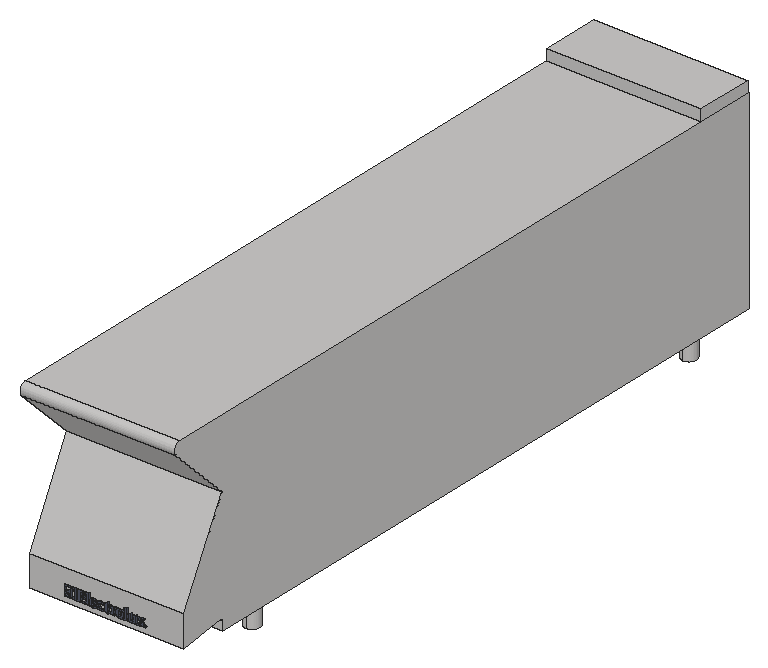
Revit family "QF_ELECTROLUXPROFESSIONAL_391156_E9WTNBN000", category Specialty Equipment, Revit 2018
Family settings
  Round Connector Dimension = Use Diameter
  Part Type = Normal
  Work Plane-Based = No
  Always vertical = Yes
  Cut with Voids When Loaded = No
  Shared = No
  Room Calculation Point = No
Parameters
  Width = 200 mm  # constant formula
  Weight in Pounds = 13
  URL Cutsheet = "www.electrolux.com"
  URL = "www.electrolux.com"
  Type Mark [instance] = ""
  Status [instance] = ""
  Specification by User [instance] = ""
  Specification by Manufacturer = ""
  Show Logo [instance] = yes
  Serial Number = ""
  Seismic Rating = ""
  SMACNA No = ""
  Revision Code [instance] = ""
  Omniclass Number and Title = ""
  NAFEM Spec ID Number = ""
  Model = "391156"
  Masterspec = ""
  Manufacturer = "ELECTROLUX"
  Item Number [instance] = ""
  Installed By [instance] = ""
  Identify Quantity as Lot [instance] = yes
  Height = 289 mm  # constant formula
  Furnished By [instance] = ""
  Foodservice Equipment Identifier [instance] = yes
  Direct Waste Size = 0"
  Description = "900XP AMBIENT WORKTOP - 200MM"
  Depth = 930 mm  # constant formula
  CSI MasterFormat = ""
  CSI Master Format = ""
  Base Height = 24 mm  # constant formula
Reference planes
  plane 1 "BACK": y = 0
  plane 2: z = 0
  plane 3 "LEFT": x = 0
  plane 4 "RIGHT": x = 200
  plane 5 "FRONT": y = -930
  plane 6 "TOP": z = 274.638
  plane 7 "Center Y": x = 100
  plane 8 "Center X": y = -465
  plane 9: z = 24
  plane 10: z = 289
  plane 11: y = -82
  plane 12: y = -790
Forms (mm)
  Extrusion 1, solid, material "QF_Finishes_Stainless Steel"
    sketch origin (0, 0, 0) x (0, 1, 0) y (0, 0, 1)
      loop
        line (0, 24) -> (0, 274.637) -> (-921.37, 274.638)
        arc (-921.37, 274.638) -> (-929.343, 269.31) -> (-927.472, 259.906) r 8.63
        line (-927.472, 259.906) -> (-853.91, 186.343) -> (-914.833, 70.673) -> (-914.833, 30.491) -> (-855.71, 38.8)
        arc (-855.71, 38.8) -> (-853.185, 38.052) -> (-852.093, 35.656) r 3.175
        line (-852.093, 35.656) -> (-852.093, 24) -> (0, 24)
    from 0 to 200
  Extrusion 2, solid, material "QF_Finishes_Stainless Steel"
    sketch origin (0, -199.871, 0) x (1, 0, 0) y (0, 1, 0)
      loop
        circle (11.112, 117.871) r 9.525
      loop
        circle (188.888, 117.871) r 9.525
      loop
        circle (11.112, -590.129) r 9.525
      loop
        circle (188.888, -590.129) r 9.525
    from 0 to 23.812
  Extrusion 3, solid, material "QF_Finishes_Stainless Steel"
    sketch origin (0, -199.871, 0) x (0, 1, 0) y (0, 0, 1)
      loop
        line (199.871, 274.638) -> (199.871, 289) -> (123.671, 289) -> (123.671, 274.638) -> (199.871, 274.638)
    from 0 to 200
  Extrusion 4, solid, material "QF_Finishes_Navy Blue", visible <- "Show Logo"
    sketch origin (0, -914.833, 30.491) x (0, 0, 1) y (-1, 0, 0)
      loop
        line (21.086, -54.997) -> (8.72, -54.997)
        arc (8.72, -54.997) -> (14.903, -59.568) -> (21.086, -54.997) r 6.467
      loop
        arc (21.086, -54.368) -> (19.917, -49.225) -> (15.261, -46.747) r 6.338
        line (15.261, -46.747) -> (15.261, -48.793)
        arc (15.261, -48.793) -> (16.745, -52.448) -> (20.191, -54.368) r 5.941
        line (20.191, -54.368) -> (21.086, -54.368)
      loop
        arc (9.615, -54.368) -> (13.061, -52.448) -> (14.544, -48.793) r 5.941
        line (14.544, -48.793) -> (14.544, -46.747)
        arc (14.544, -46.747) -> (9.85, -49.221) -> (8.561, -54.368) r 6.504
        line (8.561, -54.368) -> (9.615, -54.368)
      loop
        line (21.761, -46.278) -> (8.017, -46.278) -> (8.017, -60.041) -> (21.761, -60.041) -> (21.761, -46.278)
      loop
        arc (21.845, -63.008) -> (21.497, -62.651) -> (21.13, -62.989) r 0.358
        arc (21.13, -62.989) -> (20.816, -63.739) -> (20.099, -64.124) r 1.216
        line (20.099, -64.124) -> (9.686, -64.124)
        arc (9.686, -64.124) -> (9.026, -63.846) -> (8.63, -63.25) r 1.238
        arc (8.63, -63.25) -> (8.236, -62.999) -> (7.93, -63.353) r 0.358
        line (7.93, -63.353) -> (7.93, -73.232) -> (10.681, -73.232) -> (10.681, -72.335)
        arc (10.681, -72.335) -> (9.772, -71.755) -> (9.316, -70.778) r 1.928
        line (9.316, -70.778) -> (9.316, -68.279)
        arc (9.316, -68.279) -> (9.592, -67.55) -> (10.281, -67.186) r 1.101
        line (10.281, -67.186) -> (14.367, -67.186) -> (14.367, -70.859)
        arc (14.367, -70.859) -> (14.014, -71.357) -> (13.449, -71.584) r 1.083
        arc (13.449, -71.584) -> (13.186, -71.89) -> (13.478, -72.168) r 0.292
        line (13.478, -72.168) -> (16.44, -72.168)
        arc (16.44, -72.168) -> (16.743, -71.895) -> (16.504, -71.565) r 0.305
        arc (16.504, -71.565) -> (16.014, -71.317) -> (15.709, -70.859) r 1.083
        line (15.709, -70.859) -> (15.709, -67.186) -> (20.386, -67.186) -> (20.386, -70.933)
        arc (20.386, -70.933) -> (20.172, -71.689) -> (19.565, -72.187) r 1.314
        arc (19.565, -72.187) -> (19.346, -72.591) -> (19.7, -72.883) r 0.361
        line (19.7, -72.883) -> (21.845, -72.883) -> (21.845, -63.008)
      loop
        arc (21.127, -73.664) -> (20.747, -74.583) -> (19.828, -74.963) r 1.299
        line (19.828, -74.963) -> (10.249, -74.963)
        arc (10.249, -74.963) -> (9.412, -74.585) -> (9.14, -73.707) r 1.118
        line (9.14, -73.707) -> (7.93, -73.707) -> (7.93, -79.057) -> (9.119, -79.057)
        arc (9.119, -79.057) -> (9.39, -78.14) -> (10.26, -77.744) r 1.153
        line (10.26, -77.744) -> (22.332, -77.744) -> (21.127, -73.664)
      loop
        line (12.895, -81.693) -> (12.895, -88.141) -> (13.694, -88.141)
        arc (13.694, -88.141) -> (16.275, -87.156) -> (17.543, -84.702) r 3.874
        line (17.543, -84.702) -> (17.543, -82.942)
        arc (17.543, -82.942) -> (16.357, -80.077) -> (13.492, -78.891) r 4.051
        line (13.492, -78.891) -> (11.484, -78.891)
        arc (11.484, -78.891) -> (8.666, -80.376) -> (7.614, -83.383) r 4.352
        arc (7.614, -83.383) -> (7.978, -85.846) -> (9.356, -87.92) r 5.713
        line (9.356, -87.92) -> (10.305, -87.92)
        arc (10.305, -87.92) -> (9.572, -86.351) -> (9.356, -84.633) r 5.579
        arc (9.356, -84.633) -> (10.15, -82.67) -> (12.029, -81.693) r 3.057
        line (12.029, -81.693) -> (12.895, -81.693)
      loop
        line (14.154, -81.693) -> (14.154, -85.275)
        arc (14.154, -85.275) -> (15.611, -85.322) -> (16.494, -84.163) r 1.59
        line (16.494, -84.163) -> (16.494, -83.333)
        arc (16.494, -83.333) -> (15.63, -82.078) -> (14.154, -81.693) r 2.184
      loop
        arc (16.945, -97.558) -> (17.434, -95.884) -> (17.592, -94.147) r 9.023
        line (17.592, -94.147) -> (17.592, -92.785)
        arc (17.592, -92.785) -> (16.432, -89.985) -> (13.633, -88.826) r 3.959
        line (13.633, -88.826) -> (11.032, -88.826)
        arc (11.032, -88.826) -> (8.751, -90.118) -> (7.633, -92.491) r 4.331
        line (7.633, -92.491) -> (7.633, -94.626)
        arc (7.633, -94.626) -> (8.141, -96.176) -> (9.063, -97.522) r 5.772
        arc (9.063, -97.522) -> (9.825, -97.573) -> (9.911, -96.814) r 0.553
        arc (9.911, -96.814) -> (9.523, -96.08) -> (9.389, -95.261) r 2.573
        line (9.389, -95.261) -> (9.389, -93.746)
        arc (9.389, -93.746) -> (10.395, -92.104) -> (12.21, -91.462) r 2.884
        line (12.21, -91.462) -> (13.489, -91.462)
        arc (13.489, -91.462) -> (15.31, -92.022) -> (16.236, -93.687) r 2.554
        line (16.236, -93.687) -> (16.236, -94.74)
        arc (16.236, -94.74) -> (15.905, -95.668) -> (15.248, -96.403) r 2.564
        arc (15.248, -96.403) -> (15.026, -97.12) -> (15.636, -97.558) r 0.643
        line (15.636, -97.558) -> (16.945, -97.558)
      loop
        line (15.927, -97.828) -> (15.927, -99.329) -> (9.879, -99.329)
        arc (9.879, -99.329) -> (8.291, -99.987) -> (7.633, -101.575) r 2.246
        line (7.633, -101.575) -> (7.633, -103.159)
        arc (7.633, -103.159) -> (7.947, -104.023) -> (8.448, -104.795) r 4.06
        arc (8.448, -104.795) -> (9.18, -104.928) -> (9.431, -104.227) r 0.576
        arc (9.431, -104.227) -> (9.325, -103.701) -> (9.389, -103.169) r 1.69
        arc (9.389, -103.169) -> (9.931, -102.381) -> (10.837, -102.078) r 1.506
        line (10.837, -102.078) -> (15.975, -102.078) -> (15.975, -104.475) -> (16.532, -105.031) -> (17.353, -105.031) -> (17.353, -102.172) -> (20.585, -102.172) -> (15.927, -97.828)
      loop
        line (7.851, -105.929) -> (7.851, -111.316) -> (8.961, -111.316)
        arc (8.961, -111.316) -> (9.355, -110.365) -> (10.306, -109.971) r 1.345
        line (10.306, -109.971) -> (13.922, -109.971)
        arc (13.922, -109.971) -> (14.686, -110.563) -> (14.976, -111.485) r 1.615
        line (14.976, -111.485) -> (14.976, -113.041) -> (17.532, -113.726) -> (17.532, -112.343) -> (15.589, -109.784) -> (17.469, -109.784) -> (17.185, -107.078)
        arc (17.185, -107.078) -> (16.745, -106.548) -> (16.087, -106.749) r 0.621
        arc (16.087, -106.749) -> (15.686, -107.091) -> (15.192, -107.274) r 1.501
        line (15.192, -107.274) -> (10.306, -107.274)
        arc (10.306, -107.274) -> (9.355, -106.88) -> (8.961, -105.929) r 1.345
        line (8.961, -105.929) -> (7.851, -105.929)
      loop
        line (13.952, -113.263) -> (11.26, -113.263)
        arc (11.26, -113.263) -> (8.815, -114.571) -> (7.681, -117.101) r 4.288
        arc (7.681, -117.101) -> (7.617, -118.482) -> (7.681, -119.862) r 15.022
        arc (7.681, -119.862) -> (8.815, -122.393) -> (11.26, -123.7) r 4.288
        line (11.26, -123.7) -> (13.952, -123.7)
        arc (13.952, -123.7) -> (16.398, -122.393) -> (17.532, -119.862) r 4.288
        arc (17.532, -119.862) -> (17.595, -118.482) -> (17.532, -117.101) r 15.022
        arc (17.532, -117.101) -> (16.398, -114.571) -> (13.952, -113.263) r 4.288
      loop
        line (14.157, -116.377) -> (11.056, -116.377)
        arc (11.056, -116.377) -> (8.899, -118.534) -> (11.056, -120.691) r 2.157
        line (11.056, -120.691) -> (14.157, -120.691)
        arc (14.157, -120.691) -> (16.314, -118.534) -> (14.157, -116.377) r 2.157
      loop
        arc (21.138, -123.558) -> (20.768, -124.452) -> (19.874, -124.823) r 1.264
        line (19.874, -124.823) -> (10.009, -124.823)
        arc (10.009, -124.823) -> (9.139, -124.426) -> (8.868, -123.51) r 1.153
        line (8.868, -123.51) -> (7.93, -123.51) -> (7.93, -128.618) -> (8.858, -128.618)
        arc (8.858, -128.618) -> (9.218, -127.846) -> (10.009, -127.531) r 1.153
        line (10.009, -127.531) -> (22.332, -127.531) -> (21.138, -123.558)
      loop
        arc (16.258, -128.156) -> (16.059, -129.22) -> (15.09, -129.702) r 1.215
        line (15.09, -129.702) -> (10.07, -129.702)
        arc (10.07, -129.702) -> (8.455, -130.349) -> (7.735, -131.932) r 2.338
        line (7.735, -131.932) -> (7.735, -133.447)
        arc (7.735, -133.447) -> (7.909, -134.451) -> (8.412, -135.337) r 2.979
        line (8.412, -135.337) -> (7.93, -137.134) -> (7.93, -138.822) -> (17.356, -138.822) -> (17.062, -134.619) -> (16.275, -134.619)
        arc (16.275, -134.619) -> (15.92, -135.455) -> (15.167, -135.964) r 1.605
        line (15.167, -135.964) -> (10.064, -135.964)
        arc (10.064, -135.964) -> (9.644, -135.027) -> (9.571, -134.003) r 2.94
        arc (9.571, -134.003) -> (10.132, -132.902) -> (11.286, -132.459) r 1.724
        line (11.286, -132.459) -> (17.482, -132.459) -> (16.258, -128.156)
      loop
        line (17.287, -139.676) -> (15.614, -141.722) -> (12.44, -144.028) -> (8.984, -140.916)
        arc (8.984, -140.916) -> (8.747, -140.522) -> (8.769, -140.063) r 0.789
        line (8.769, -140.063) -> (7.93, -140.063) -> (7.93, -143.608) -> (8.756, -143.608)
        arc (8.756, -143.608) -> (9.099, -143.246) -> (9.589, -143.338) r 0.52
        line (9.589, -143.338) -> (11.389, -144.809) -> (9.27, -146.185)
        arc (9.27, -146.185) -> (8.869, -145.875) -> (8.782, -145.375) r 0.7
        line (8.782, -145.375) -> (7.93, -145.375) -> (7.93, -151.302) -> (8.817, -151.302)
        arc (8.817, -151.302) -> (8.884, -150.643) -> (9.279, -150.112) r 1.247
        line (9.279, -150.112) -> (13.478, -146.831) -> (15.925, -148.884) -> (17.287, -150.626) -> (17.287, -146.902) -> (15.801, -147.325) -> (14.28, -146.048) -> (15.98, -144.858) -> (17.287, -145.634) -> (17.287, -139.676)
    from 0 to 1.644
Lines and regions (mm)
  symbolic lines
    curve 1: line (0, -930, 0) -> (200, -930, 0)
    curve 2: line (0, 0, 0) -> (0, -930, 0)
    curve 3: line (200, 0, 0) -> (0, 0, 0)
    curve 4: line (200, -930, 0) -> (200, 0, 0)
    curve 5: line (0, -76.2, 0) -> (200, -76.2, 0)
    curve 6: line (0, -923.65, 0) -> (200, -923.65, 0)
Dimensions and locks
  equal spacing: plane 3 "LEFT", plane 7 "Center Y", plane 4 "RIGHT"
  "Width": plane 3 "LEFT" to plane 4 "RIGHT"
  equal spacing: plane 5 "FRONT", plane 8 "Center X", plane 1 "BACK"
  "Depth": plane 5 "FRONT" to plane 1 "BACK"
  "Height": plane 10 to level
  "Base Height": plane 9 to level
  Extrusion 1 to plane 9 = 250.637 mm
  plane 9 to plane 2 = 24 mm
  plane 11 to plane 1 "BACK" = 82 mm
  plane 12 to plane 11 = 708 mm
  Extrusion 1 to plane 12 = 124.833 mm
  Extrusion 1 to plane 1 "BACK" = 914.833 mm
  aligned and locked: level to plane 2
Automatic sketch dimensions
  curve 5 to plane 3 "LEFT" = 0 mm
  plane 1 "BACK" to curve 2 = 0 mm
  curve 6 to plane 4 "RIGHT" = 0 mm
  curve 5 to curve 3 = 76.2 mm
  curve 6 to plane 5 "FRONT" = 6.35 mm
  curve 2 to curve 6 = 6.35 mm
  Extrusion 2 sketch curve to Extrusion 2 sketch curve = 0 mm  (x8)
  plane 3 "LEFT" to Extrusion 2 sketch curve = 11.112 mm  (x2)
  Extrusion 2 sketch curve to plane 4 "RIGHT" = 11.112 mm  (x2)
  Extrusion 2 sketch curve to plane 8 "Center X" = 334.525 mm  (x2)
  Extrusion 2 sketch curve to Extrusion 2 sketch curve = 9.525 mm  (x4)
  plane 1 "BACK" to Extrusion 2 sketch curve = 91.525 mm  (x2)
  Extrusion 3 sketch curve to plane 6 "TOP" = 0 mm
  plane 1 "BACK" to Extrusion 3 sketch curve = 0 mm
  Extrusion 3 sketch curve to plane 10 = 0 mm
  plane 1 "BACK" to Extrusion 3 sketch curve = 76.2 mm
  Extrusion 1 sketch curve to plane 6 "TOP" = 0 mm
  Extrusion 1 sketch curve to plane 9 = 0 mm
  Extrusion 1 sketch curve to plane 1 "BACK" = 0 mm
  plane 9 to Extrusion 1 sketch curve = 11.656 mm
  Extrusion 1 sketch curve to plane 12 = 62.093 mm
  Extrusion 1 sketch curve to plane 12 = 63.91 mm
  Extrusion 1 sketch curve to Extrusion 1 sketch curve = 3.175 mm
  Extrusion 1 sketch curve to Extrusion 1 sketch curve = 0.442 mm
  Extrusion 1 sketch curve to plane 5 "FRONT" = 15.167 mm
  Extrusion 1 sketch curve to plane 5 "FRONT" = 8.63 mm
  Extrusion 1 sketch curve to plane 5 "FRONT" = 2.528 mm
  plane 9 to Extrusion 1 sketch curve = 6.491 mm
  Extrusion 1 sketch curve to Extrusion 1 sketch curve = 40.183 mm
  Extrusion 1 sketch curve to plane 6 "TOP" = 88.295 mm
  Extrusion 1 sketch curve to plane 6 "TOP" = 14.732 mm
  Extrusion 4 sketch curve to Extrusion 1 = 2.573 mm
  Extrusion 4 sketch curve to Extrusion 1 = 7.614 mm
  Extrusion 4 sketch curve to Extrusion 1 = 7.633 mm  (x2)
  Extrusion 4 sketch curve to Extrusion 4 sketch curve = 5.108 mm  (x2)
  Extrusion 4 sketch curve to Extrusion 4 sketch curve = 0 mm  (x27)
  Extrusion 4 sketch curve to Extrusion 1 = 7.735 mm
  Extrusion 4 sketch curve to Extrusion 4 sketch curve = 0.218 mm
  Extrusion 4 sketch curve to Extrusion 4 sketch curve = 0.195 mm
  Extrusion 4 sketch curve to Extrusion 4 sketch curve = 0.249 mm
  Extrusion 4 sketch curve to Extrusion 1 = 7.93 mm
  Extrusion 4 sketch curve to Extrusion 4 sketch curve = 0.087 mm
  Extrusion 4 sketch curve to Extrusion 4 sketch curve = 0.358 mm
  Extrusion 4 sketch curve to Extrusion 4 sketch curve = 0.481 mm
  Extrusion 4 sketch curve to Extrusion 4 sketch curve = 0.597 mm
  Extrusion 4 sketch curve to Extrusion 4 sketch curve = 0.544 mm
  Extrusion 4 sketch curve to Extrusion 4 sketch curve = 0.936 mm
  Extrusion 4 sketch curve to Extrusion 4 sketch curve = 0.594 mm
  Extrusion 4 sketch curve to Extrusion 4 sketch curve = 0.343 mm
  Extrusion 4 sketch curve to Extrusion 4 sketch curve = 0.159 mm
  Extrusion 4 sketch curve to Extrusion 4 sketch curve = 0.826 mm
  Extrusion 4 sketch curve to Extrusion 4 sketch curve = 0.839 mm
  Extrusion 4 sketch curve to Extrusion 4 sketch curve = 0.852 mm
  Extrusion 4 sketch curve to Extrusion 4 sketch curve = 0.887 mm
  Extrusion 4 sketch curve to Extrusion 4 sketch curve = 0.928 mm
  Extrusion 4 sketch curve to Extrusion 4 sketch curve = 0.938 mm
  Extrusion 4 sketch curve to Extrusion 4 sketch curve = 0.444 mm
  Extrusion 4 sketch curve to Extrusion 4 sketch curve = 1.11 mm  (x3)
  Extrusion 4 sketch curve to Extrusion 4 sketch curve = 0.215 mm
  Extrusion 4 sketch curve to Extrusion 4 sketch curve = 1.43 mm
  Extrusion 4 sketch curve to Extrusion 4 sketch curve = 1.188 mm
  Extrusion 4 sketch curve to Extrusion 4 sketch curve = 1.21 mm  (x2)
  Extrusion 4 sketch curve to Extrusion 4 sketch curve = 0.503 mm
  Extrusion 4 sketch curve to Extrusion 4 sketch curve = 0.488 mm
  Extrusion 4 sketch curve to Extrusion 4 sketch curve = 0.462 mm
  Extrusion 4 sketch curve to Extrusion 4 sketch curve = 1.386 mm
  Extrusion 4 sketch curve to Extrusion 4 sketch curve = 1.742 mm  (x2)
  Extrusion 4 sketch curve to Extrusion 4 sketch curve = 0.821 mm
  Extrusion 4 sketch curve to Extrusion 4 sketch curve = 0.497 mm
  Extrusion 4 sketch curve to Extrusion 4 sketch curve = 0.539 mm
  Extrusion 4 sketch curve to Extrusion 4 sketch curve = 0.686 mm
  Extrusion 4 sketch curve to Extrusion 4 sketch curve = 0.408 mm
  Extrusion 4 sketch curve to Extrusion 4 sketch curve = 0.743 mm
  Extrusion 4 sketch curve to Extrusion 4 sketch curve = 1.16 mm
  Extrusion 4 sketch curve to Extrusion 4 sketch curve = 0.329 mm
  Extrusion 4 sketch curve to Extrusion 4 sketch curve = 1.054 mm
  Extrusion 4 sketch curve to Extrusion 4 sketch curve = 1.056 mm
  Extrusion 4 sketch curve to Extrusion 4 sketch curve = 0.129 mm
  Extrusion 4 sketch curve to Extrusion 4 sketch curve = 0.489 mm
  Extrusion 4 sketch curve to Extrusion 4 sketch curve = 0.441 mm
  Extrusion 4 sketch curve to Extrusion 4 sketch curve = 1.151 mm
  Extrusion 4 sketch curve to Extrusion 4 sketch curve = 1.141 mm  (x2)
  Extrusion 4 sketch curve to Extrusion 4 sketch curve = 0.768 mm
  Extrusion 4 sketch curve to Extrusion 4 sketch curve = 1.653 mm
  Extrusion 4 sketch curve to Extrusion 4 sketch curve = 0.499 mm
  Extrusion 4 sketch curve to Extrusion 4 sketch curve = 0.964 mm
  Extrusion 4 sketch curve to Extrusion 4 sketch curve = 0.949 mm
  Extrusion 4 sketch curve to Extrusion 4 sketch curve = 1.345 mm  (x3)
  Extrusion 4 sketch curve to Extrusion 4 sketch curve = 1.101 mm
  Extrusion 4 sketch curve to Extrusion 4 sketch curve = 0.432 mm
  Extrusion 4 sketch curve to Extrusion 4 sketch curve = 1.142 mm
  Extrusion 4 sketch curve to Extrusion 4 sketch curve = 0.959 mm
  Extrusion 4 sketch curve to Extrusion 4 sketch curve = 0.176 mm
  Extrusion 4 sketch curve to Extrusion 4 sketch curve = 0.728 mm
  Extrusion 4 sketch curve to Extrusion 4 sketch curve = 3.375 mm  (x2)
  Extrusion 4 sketch curve to Extrusion 4 sketch curve = 0.541 mm
  Extrusion 4 sketch curve to Extrusion 4 sketch curve = 0.955 mm
  Extrusion 4 sketch curve to Extrusion 4 sketch curve = 1.251 mm
  Extrusion 4 sketch curve to Extrusion 4 sketch curve = 0.572 mm
  Extrusion 4 sketch curve to Extrusion 4 sketch curve = 1.92 mm
  Extrusion 4 sketch curve to Extrusion 4 sketch curve = 1.224 mm
  Extrusion 4 sketch curve to Extrusion 4 sketch curve = 0.745 mm
  Extrusion 4 sketch curve to Extrusion 4 sketch curve = 2.537 mm
  Extrusion 4 sketch curve to Extrusion 4 sketch curve = 0.896 mm  (x3)
  Extrusion 4 sketch curve to Extrusion 4 sketch curve = 0.036 mm
  Extrusion 4 sketch curve to Extrusion 4 sketch curve = 2.607 mm
  Extrusion 4 sketch curve to Extrusion 4 sketch curve = 0.066 mm
  Extrusion 4 sketch curve to Extrusion 4 sketch curve = 0.248 mm
  Extrusion 4 sketch curve to Extrusion 4 sketch curve = 0.449 mm
  Extrusion 4 sketch curve to Extrusion 4 sketch curve = 1.052 mm
  Extrusion 4 sketch curve to Extrusion 4 sketch curve = 1.863 mm
  Extrusion 4 sketch curve to Extrusion 4 sketch curve = 1.31 mm  (x2)
  Extrusion 4 sketch curve to Extrusion 4 sketch curve = 0.901 mm
  Extrusion 4 sketch curve to Extrusion 4 sketch curve = 1.107 mm
  Extrusion 4 sketch curve to Extrusion 4 sketch curve = 2.122 mm
  Extrusion 4 sketch curve to Extrusion 4 sketch curve = 2.101 mm
  Extrusion 4 sketch curve to Extrusion 4 sketch curve = 0.106 mm
  Extrusion 4 sketch curve to Extrusion 4 sketch curve = 0.029 mm
  Extrusion 4 sketch curve to Extrusion 4 sketch curve = 2.09 mm
  Extrusion 4 sketch curve to Extrusion 4 sketch curve = 1.279 mm
  Extrusion 4 sketch curve to Extrusion 4 sketch curve = 2.008 mm
  Extrusion 4 sketch curve to Extrusion 4 sketch curve = 0.738 mm
  Extrusion 4 sketch curve to Extrusion 4 sketch curve = 0.382 mm
  Extrusion 4 sketch curve to Extrusion 4 sketch curve = 0.384 mm
  Extrusion 4 sketch curve to Extrusion 4 sketch curve = 0.002 mm
  Extrusion 4 sketch curve to Extrusion 4 sketch curve = 0.561 mm
  Extrusion 4 sketch curve to Extrusion 4 sketch curve = 0.592 mm
  Extrusion 4 sketch curve to Extrusion 4 sketch curve = 2.692 mm
  Extrusion 4 sketch curve to Extrusion 4 sketch curve = 1.259 mm
  Extrusion 4 sketch curve to Extrusion 4 sketch curve = 0.802 mm
  Extrusion 4 sketch curve to Extrusion 4 sketch curve = 1.024 mm  (x2)
  Extrusion 4 sketch curve to Extrusion 4 sketch curve = 0.682 mm
  Extrusion 4 sketch curve to Extrusion 4 sketch curve = 5.934 mm
  Extrusion 4 sketch curve to Extrusion 4 sketch curve = 2.186 mm
  Extrusion 4 sketch curve to Extrusion 4 sketch curve = 0.337 mm
  Extrusion 4 sketch curve to Extrusion 4 sketch curve = 0.021 mm
  Extrusion 4 sketch curve to Extrusion 4 sketch curve = 1.005 mm
  Extrusion 4 sketch curve to Extrusion 4 sketch curve = 0.552 mm
  Extrusion 4 sketch curve to Extrusion 4 sketch curve = 0.778 mm
  Extrusion 4 sketch curve to Extrusion 4 sketch curve = 0.063 mm
  Extrusion 4 sketch curve to Extrusion 4 sketch curve = 1.023 mm
  Extrusion 4 sketch curve to Extrusion 4 sketch curve = 3.804 mm
  Extrusion 4 sketch curve to Extrusion 4 sketch curve = 0.486 mm
  Extrusion 4 sketch curve to Extrusion 4 sketch curve = 0.266 mm
  Extrusion 4 sketch curve to Extrusion 4 sketch curve = 1.547 mm
  Extrusion 4 sketch curve to Extrusion 4 sketch curve = 0.717 mm  (x2)
  Extrusion 4 sketch curve to Extrusion 4 sketch curve = 1.667 mm
  Extrusion 4 sketch curve to Extrusion 4 sketch curve = 3.174 mm
  Extrusion 4 sketch curve to Extrusion 4 sketch curve = 0.388 mm
  Extrusion 4 sketch curve to Extrusion 4 sketch curve = 1.342 mm
  Extrusion 4 sketch curve to Extrusion 4 sketch curve = 1.521 mm
  Extrusion 4 sketch curve to Extrusion 4 sketch curve = 0.124 mm
  Extrusion 4 sketch curve to Extrusion 4 sketch curve = 0.291 mm
  Extrusion 4 sketch curve to Extrusion 4 sketch curve = 1.049 mm  (x2)
  Extrusion 4 sketch curve to Extrusion 4 sketch curve = 1.7 mm
  Extrusion 4 sketch curve to Extrusion 4 sketch curve = 0.894 mm
  Extrusion 4 sketch curve to Extrusion 4 sketch curve = 0.989 mm
  Extrusion 4 sketch curve to Extrusion 4 sketch curve = 1.168 mm
  Extrusion 4 sketch curve to Extrusion 4 sketch curve = 1.594 mm
  Extrusion 4 sketch curve to Extrusion 4 sketch curve = 0.731 mm
  Extrusion 4 sketch curve to Extrusion 4 sketch curve = 1.566 mm
  Extrusion 4 sketch curve to Extrusion 4 sketch curve = 0.064 mm
  Extrusion 4 sketch curve to Extrusion 4 sketch curve = 0.556 mm  (x2)
  Extrusion 4 sketch curve to Extrusion 4 sketch curve = 0.48 mm
  Extrusion 4 sketch curve to Extrusion 4 sketch curve = 1.018 mm
  Extrusion 4 sketch curve to Extrusion 4 sketch curve = 0.787 mm
  Extrusion 4 sketch curve to Extrusion 4 sketch curve = 0.618 mm
  Extrusion 4 sketch curve to Extrusion 4 sketch curve = 1.672 mm
  Extrusion 4 sketch curve to Extrusion 4 sketch curve = 1.361 mm
  Extrusion 4 sketch curve to Extrusion 4 sketch curve = 0.822 mm
  Extrusion 4 sketch curve to Extrusion 4 sketch curve = 0.069 mm
  Extrusion 4 sketch curve to Extrusion 4 sketch curve = 1.88 mm
  Extrusion 4 sketch curve to Extrusion 4 sketch curve = 0.42 mm
  Extrusion 4 sketch curve to Extrusion 4 sketch curve = 0.062 mm
  Extrusion 4 sketch curve to Extrusion 4 sketch curve = 1.355 mm
  Extrusion 4 sketch curve to Extrusion 4 sketch curve = 2.34 mm
  Extrusion 4 sketch curve to Extrusion 4 sketch curve = 0.493 mm
  Extrusion 4 sketch curve to Extrusion 4 sketch curve = 0.136 mm
  Extrusion 4 sketch curve to Extrusion 4 sketch curve = 0.128 mm
  Extrusion 4 sketch curve to Extrusion 4 sketch curve = 3.616 mm
  Extrusion 4 sketch curve to Extrusion 4 sketch curve = 4.207 mm
  Extrusion 4 sketch curve to Extrusion 4 sketch curve = 0.183 mm
  Extrusion 4 sketch curve to Extrusion 4 sketch curve = 0.895 mm
  Extrusion 4 sketch curve to Extrusion 4 sketch curve = 1.314 mm
  Extrusion 4 sketch curve to Extrusion 4 sketch curve = 3.231 mm
  Extrusion 4 sketch curve to Extrusion 4 sketch curve = 1.299 mm
  Extrusion 4 sketch curve to Extrusion 4 sketch curve = 1.214 mm
  Extrusion 4 sketch curve to Extrusion 4 sketch curve = 1.264 mm
  Extrusion 4 sketch curve to Extrusion 4 sketch curve = 0.109 mm
  Extrusion 4 sketch curve to Extrusion 4 sketch curve = 0.357 mm
  Extrusion 4 sketch curve to Extrusion 4 sketch curve = 0.565 mm
  Extrusion 4 sketch curve to Extrusion 4 sketch curve = 2.504 mm
  Extrusion 4 sketch curve to Extrusion 4 sketch curve = 2.459 mm
  Extrusion 1 to Extrusion 4 sketch curve = 48.698 mm
  Extrusion 4 sketch curve to Extrusion 4 sketch curve = 0.208 mm
  Extrusion 4 sketch curve to Extrusion 4 sketch curve = 0.468 mm  (x2)
  Extrusion 4 sketch curve to Extrusion 4 sketch curve = 1.559 mm
  Extrusion 4 sketch curve to Extrusion 4 sketch curve = 0.422 mm  (x2)
  Extrusion 4 sketch curve to Extrusion 4 sketch curve = 0.494 mm
  Extrusion 4 sketch curve to Extrusion 4 sketch curve = 3.927 mm
  Extrusion 4 sketch curve to Extrusion 4 sketch curve = 0.782 mm
  Extrusion 4 sketch curve to Extrusion 4 sketch curve = 1.268 mm
  Extrusion 4 sketch curve to Extrusion 4 sketch curve = 0.671 mm
  Extrusion 4 sketch curve to Extrusion 4 sketch curve = 0.777 mm
  Extrusion 4 sketch curve to Extrusion 4 sketch curve = 0.704 mm
  Extrusion 4 sketch curve to Extrusion 4 sketch curve = 0.781 mm  (x2)
  Extrusion 4 sketch curve to Extrusion 4 sketch curve = 1.634 mm
  Extrusion 4 sketch curve to Extrusion 4 sketch curve = 0.132 mm
  Extrusion 4 sketch curve to Extrusion 4 sketch curve = 3.136 mm
  Extrusion 4 sketch curve to Extrusion 4 sketch curve = 2.422 mm
  Extrusion 4 sketch curve to Extrusion 4 sketch curve = 0.586 mm
  Extrusion 4 sketch curve to Extrusion 4 sketch curve = 2.046 mm  (x2)
  Extrusion 4 sketch curve to Extrusion 4 sketch curve = 1.241 mm
  Extrusion 4 sketch curve to Extrusion 4 sketch curve = 1.689 mm
  Extrusion 4 sketch curve to Extrusion 4 sketch curve = 2.859 mm
  Extrusion 4 sketch curve to Extrusion 4 sketch curve = 0.627 mm
  Extrusion 4 sketch curve to Extrusion 4 sketch curve = 0.863 mm
  Extrusion 4 sketch curve to Extrusion 4 sketch curve = 0.419 mm
  Extrusion 4 sketch curve to Extrusion 4 sketch curve = 1.514 mm
  Extrusion 4 sketch curve to Extrusion 4 sketch curve = 1.019 mm
  Extrusion 4 sketch curve to Extrusion 4 sketch curve = 0.065 mm
  Extrusion 4 sketch curve to Extrusion 4 sketch curve = 1.215 mm
  Extrusion 4 sketch curve to Extrusion 4 sketch curve = 2.708 mm
  Extrusion 4 sketch curve to Extrusion 4 sketch curve = 1.122 mm
  Extrusion 4 sketch curve to Extrusion 4 sketch curve = 1.153 mm
  Extrusion 4 sketch curve to Extrusion 4 sketch curve = 3.009 mm
  Extrusion 4 sketch curve to Extrusion 4 sketch curve = 0.829 mm  (x2)
  Extrusion 4 sketch curve to Extrusion 4 sketch curve = 0.934 mm
  Extrusion 4 sketch curve to Extrusion 4 sketch curve = 3.376 mm
  Extrusion 4 sketch curve to Extrusion 4 sketch curve = 0.222 mm
  Extrusion 4 sketch curve to Extrusion 4 sketch curve = 1.383 mm
  Extrusion 4 sketch curve to Extrusion 4 sketch curve = 1.556 mm
  Extrusion 4 sketch curve to Extrusion 4 sketch curve = 2.559 mm
  Extrusion 4 sketch curve to Extrusion 4 sketch curve = 2.51 mm
  Extrusion 4 sketch curve to Extrusion 4 sketch curve = 0.131 mm
  Extrusion 4 sketch curve to Extrusion 4 sketch curve = 1.717 mm
  Extrusion 4 sketch curve to Extrusion 4 sketch curve = 1.134 mm
  Extrusion 4 sketch curve to Extrusion 4 sketch curve = 0.366 mm
  Extrusion 4 sketch curve to Extrusion 4 sketch curve = 0.094 mm
  Extrusion 4 sketch curve to Extrusion 4 sketch curve = 1.584 mm
  Extrusion 4 sketch curve to Extrusion 4 sketch curve = 1.501 mm
  Extrusion 4 sketch curve to Extrusion 4 sketch curve = 0.27 mm
  Extrusion 4 sketch curve to Extrusion 4 sketch curve = 1.808 mm
  Extrusion 4 sketch curve to Extrusion 4 sketch curve = 0.643 mm
  Extrusion 4 sketch curve to Extrusion 4 sketch curve = 0.916 mm
  Extrusion 4 sketch curve to Extrusion 4 sketch curve = 0.352 mm
  Extrusion 4 sketch curve to Extrusion 4 sketch curve = 0.458 mm
  Extrusion 4 sketch curve to Extrusion 4 sketch curve = 1.282 mm
  Extrusion 4 sketch curve to Extrusion 4 sketch curve = 1.363 mm
  Extrusion 4 sketch curve to Extrusion 4 sketch curve = 0.685 mm
  Extrusion 4 sketch curve to Extrusion 4 sketch curve = 0.905 mm
  Extrusion 4 sketch curve to Extrusion 4 sketch curve = 2.865 mm
  Extrusion 4 sketch curve to Extrusion 4 sketch curve = 0.472 mm
  Extrusion 4 sketch curve to Extrusion 4 sketch curve = 0.101 mm
  Extrusion 4 sketch curve to Extrusion 4 sketch curve = 0.54 mm
  Extrusion 4 sketch curve to Extrusion 4 sketch curve = 0.02 mm
  Extrusion 4 sketch curve to Extrusion 4 sketch curve = 0.582 mm
  Extrusion 4 sketch curve to Extrusion 4 sketch curve = 0.166 mm
  Extrusion 4 sketch curve to Extrusion 4 sketch curve = 0.16 mm
  Extrusion 4 sketch curve to Extrusion 4 sketch curve = 2.781 mm
  Extrusion 4 sketch curve to Extrusion 4 sketch curve = 1.118 mm
  Extrusion 4 sketch curve to Extrusion 4 sketch curve = 0.613 mm
  Extrusion 4 sketch curve to Extrusion 4 sketch curve = 0.361 mm
  Extrusion 4 sketch curve to Extrusion 4 sketch curve = 0.897 mm
  Extrusion 4 sketch curve to Extrusion 4 sketch curve = 0.167 mm
  Extrusion 4 sketch curve to Extrusion 4 sketch curve = 0.292 mm
  Extrusion 4 sketch curve to Extrusion 4 sketch curve = 0.305 mm
  Extrusion 4 sketch curve to Extrusion 4 sketch curve = 1.557 mm
  Extrusion 4 sketch curve to Extrusion 4 sketch curve = 2.499 mm
  Extrusion 4 sketch curve to Extrusion 4 sketch curve = 3.062 mm
  Extrusion 4 sketch curve to Extrusion 4 sketch curve = 2.968 mm
  Extrusion 4 sketch curve to Extrusion 4 sketch curve = 5.044 mm
  Extrusion 4 sketch curve to Extrusion 4 sketch curve = 0.629 mm  (x2)
  Extrusion 4 sketch curve to Extrusion 4 sketch curve = 1.131 mm
  Extrusion 4 sketch curve to Extrusion 4 sketch curve = 0.137 mm
  Extrusion 4 sketch curve to Extrusion 4 sketch curve = 0.027 mm
  Extrusion 4 sketch curve to Extrusion 4 sketch curve = 2.235 mm
